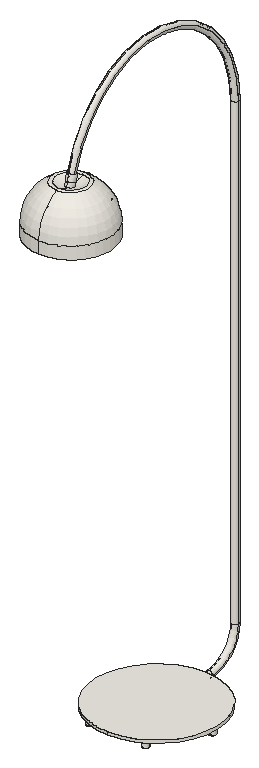
Revit family "Lighting_Floor-Mounted_Zero_Bob", category Lighting Fixtures, Revit 2020
Family settings
  Round Connector Dimension = Use Diameter
  Part Type = Normal
  OmniClass Number = 23.80.70.00
  OmniClass Title = Lighting
  Work Plane-Based = No
  Always vertical = Yes
  Cut with Voids When Loaded = No
  Light Source = Yes
  Shared = No
  Room Calculation Point = No
Parameters (values of type "Bob Floor - White")
  Youtube clip = ""
  Weight Net (Kg) = "0"
  Wattage = 5.6415 W
  WarrantyStartDate [instance] = "n/a"
  WarrantyGuarantorParts = "n/a"
  WarrantyGuarantorLabor = "n/a"
  WarrantyDurationUnit = "Year"
  WarrantyDurationParts = "n/a"
  WarrantyDurationLabor = "n/a"
  WarrantyDescription = "n/a"
  built-in parameter 1150110 = 1 (stored number, unit not read)
  VersionDate = "31/08/2023"  # constant formula
  Version = "3"  # constant formula
  UsageCurrent = 0 A
  Uniformat II Description = ""
  Uniformat II Code = ""
  Uniclass2015Reference = "Pr_70_70_48_32"
  Uniclass2015Description = "Free standing luminaires"
  Uniclass2 = "Pr_70_70_49"
  Uniclass 2015 Name = ""
  Uniclass 2015 Code = ""
  Uniclass 2.0 Description = ""
  Uniclass 2.0 Code = ""
  Uniclass 1.4 Description = ""
  Uniclass 1.4 Code = ""
  URL = "https://www.zerolighting.com/bob-inomgo"
  UNSPSC Code = ""
  TotalWattage = 10 W
  built-in parameter 1114217 = 1 (stored number, unit not read)
  Tilt Angle = 90.00°
  built-in parameter 1150109 = 1 (stored number, unit not read)
  built-in parameter 1150134 = (empty or 0)
  Technical description = ""
  TagNumber [instance] = "n/a"
  SustainabilityPerformance = "n/a"
  built-in parameter 1150113 = 1 (stored number, unit not read)
  Size = "400x815x2016 mm"
  Shape = "Sculptured"
  SerialNumber [instance] = "n/a"
  Revision = "2"  # constant formula
  ReplacementCost = "n/a"
  Region South America = "None"
  Region Oceania = "AU, NZ"
  Region North America = "BZ, CR, GT, HN, MX, NI, PA, SV, US"
  Region Middle East = "AE"
  Region Europe = "AD, AL, AT, AX, BA, BE, BG, BY, CH, CY, CZ, DE, DK, EE, ES, FI, FO, FR, GB, GG, GI, GR, HR, HU, IE, IM, IS, IT, JE, LI, LT, LU, LV, MC, MD, ME, MK, MT, NL, NO, PL, PT, RO, RS, RU, SE, SI, SJ, SK, SM, UA, VA"
  Region Asia = "HK, JP, SG"
  Region Antarctica = "None"
  Region Africa = "None"
  ProductInformation = "In collaboration with well-known furniture brand Blå Station, Zero has provided their Bob sofa system with a fixture that takes its contours to new heights while being anchored in the backrest. Zero also offers a freestanding floor-lamp version and a pendant with the same likeable, round character. A dimmable LED behind a convex glare shield provides intimate and screened-off illumination; available in standard black or white. LED 10W/3000K."
  ProductDatasheet = "https://static1.squarespace.com/static/5943d7dcc534a5f4dd214abc/t/5d6f828176e3ba00018f271c/1567588999330/Bob-golv.pdf"
  Product group = "Floor"
  Product family = "Bob"
  Product certification = ""
  Product SKU = "Bob_floor"
  Product Guid = "4bb2bb5d-ec1e-488b-9129-4a03f87c1a4e"
  Photometric Web File = "Bob191001-3000K.IES"
  PhaseReference = "n/a"
  PhaseAngle = 0.00°
  OmniClass Description = ""
  OmniClass Code = ""
  NumberOfSources = 0
  NumberOfPoles = 1
  Nominal_Width = 815 mm
  Nominal_Radius = 0 mm
  Nominal_Length = 400 mm
  Nominal_Height = 2016 mm
  Nominal_Diameter = 0 mm
  NominalVoltageCalc = 0 V
  NominalVoltage = 230 V
  NominalFrequencyRange = 50 Hz
  NominalCurrent = 0 A
  Nominal width = 0 mm
  Nominal height = 0 mm
  Name = "Zero_Bob"  # constant formula
  NBSReference = "90-60-50/405"
  NBSDescription = "General purpose luminaires"
  NBS Reference Description = ""
  NBS Reference Code = ""
  ModelReference = ArticleNumber  # "19105101-30"
  ModelNumber = "n/a"
  Model = "Bob Floor - White"
  Material secondary = ""
  Material main = ""
  Material = "Metal & plastic"
  Masterformat 2014 Description = ""
  Masterformat 2014 Code = ""
  ManufacturersSpecificInformation = "n/a"
  ManufacturerURL = "https://www.zerolighting.com/"
  ManufacturerName = "Zero"
  Manufacturer name = "ZERO"
  Manufacturer country = ""
  MaintenanceFactor = 0
  Lumens = 838 lm
  built-in parameter 1150115 = 1 (stored number, unit not read)
  built-in parameter 1150105 = 412.61 (stored number, unit not read)
  LightFixturePlacingType = "Floor"
  LightFixtureMountingType = "Surface"
  LightFixtureMainMaterial = White RAL 9010
  built-in parameter 1150137 = (empty or 0)
  built-in parameter 1150139 = (empty or 0)
  LensMaterial = Mat Acrylic
  built-in parameter 1150112 = 1 (stored number, unit not read)
  built-in parameter 1150114 = 1 (stored number, unit not read)
  InsulationStandardClass = "n/a"
  InstallationDate [instance] = "n/a"
  Installation instructions = ""
  built-in parameter 1150132 = 2
  built-in parameter 1150102 = (empty or 0)
  built-in parameter 1150138 = (empty or 0)
  built-in parameter 1150107 = 3000 (stored number, unit not read)
  built-in parameter 1150106 = 4.1261 (stored number, unit not read)
  IfcExportType = "NOTDEFINED"  # constant formula
  IfcExportAs = "IfcLightFixtureType"  # constant formula
  IP_Code = "IP20"
  IFC Classification = ""
  HasProtectiveEarth = no
  Grade = "n/a"
  GTIN code = ""
  Finish = "Painted aluminum. White RAL 9010, black RAL 9005. Other colours on request. Matt acrylic diffuser."
  Features = "2,5 m cable with switch and plug."
  ExpectedLife = "n/a"
  ElectricalDeviceNominalPower = 10
  built-in parameter 1150104 = 13.8 (stored number, unit not read)
  Edition number = 1
  DurationUnit = "Year"
  Dimming Lamp Color Temperature Shift = <None>
  Designer = "Bernstrand & Borselius"
  Design country = ""
  Description = "In collaboration with well-known furniture brand Blå Station, Zero has provided their Bob sofa system with a fixture that takes its contours to new heights while being anchored in the backrest. Zero also offers a freestanding floor-lamp version and a pendant with the same likeable, round character. A dimmable LED behind a convex glare shield provides intimate and screened-off illumination; available in standard black or white. LED 10W/3000K."
  DefaultElevation = 0 mm
  Default Elevation = 0 mm
  Date of publishing = ""
  Constituents = "n/a"
  Color Filter = 16777215
  Color = "White"
  Collection = "Bob"
  CodePerformance = "n/a"
  Category = "Floor Fixtures"
  CRI = ">80"
  COBIe Type Category = ""
  Brand url = "http://www.zero.se"
  Brand = "Zero"
  Barcode [instance] = "n/a"
  built-in parameter 1114218 = 1 (stored number, unit not read)
  BIMObjectName = "Lighting_Floor-Mounted_Zero_Bob"  # constant formula
  Author = "BIMstone"  # constant formula
  built-in parameter 1150133 = 10 (stored number, unit not read)
  AssetType = "Movable"
  AssetIdentifier [instance] = "n/a"
  ArticleNumber = "19105101-30"
  AccessibilityPerformance = "n/a"
Types (2, lengths in mm): name | Photometric Web File | ModelReference | Model | LightFixtureMainMaterial | Color | ArticleNumber
  Bob Floor - White | "Bob191001-3000K.IES" | "19105101-30" | "Bob Floor - White" | White RAL 9010 | "White" | "19105101-30"
  Bob Floor - Black | "Bob191051-3000K.IES" | "19105106-30" | "Bob Floor - Black" | Black 9005 RAL | "Black" | "19105106-30"
Reference planes
  plane 1 "Light Source Axis (F/B)": y = 0
  plane 2: z = 0
  plane 3 "Light Source Axis (L/R)": x = 0
  plane 4 "Light Source Elevation": z = 1600
  plane 5: z = 2016
  plane 6: x = 200
  plane 7: x = -200
  plane 8: y = 684.697
  plane 9: y = -130.303
Forms (mm)
  Extrusion 1, solid, material "White RAL 9010" <- "LightFixtureMainMaterial", detail levels coarse
    sketch origin (0, 0, 0) x (1, 0, 0) y (0, 1, 0)
      loop
        line (-200, 684.697) -> (-200, -130.303) -> (200, -130.303) -> (200, 684.697) -> (-200, 684.697)
    from 0 to 2016
Dimensions and locks
  equal spacing: plane 7, plane 3 "Light Source Axis (L/R)", plane 6
  "Nominal_Length": plane 7 to plane 6
  plane 5 to plane 2 = 2016 mm
  aligned and locked: plane 4 "Light Source Elevation" to imposter light
  aligned and locked: level to plane 2
  aligned and locked: Extrusion 1 to plane 5
Automatic sketch dimensions
  Extrusion 1 sketch curve to plane 7 = 0 mm
  Extrusion 1 sketch curve to plane 6 = 0 mm
  plane 9 to Extrusion 1 sketch curve = 0 mm
  plane 8 to Extrusion 1 sketch curve = 0 mm
Nested families
  nested 1: "Bob-floor" at (0, -0.077, 0), MainMaterial <- "LightFixtureMainMaterial", SecondaryMaterial <- "LensMaterial", type "Bob-floor"
    with SecondaryMaterial Mat Acrylic, MainMaterial White RAL 9010
Connectors
  electrical at (0.035, 442.273, 15.461), driven by "NominalVoltage"
    settings: on nested 1, index 1, voltage 230 V, apparent load 0 VA, apparent load phase1 0 VA, apparent load phase2 0 VA, apparent load phase3 0 VA, power factor 1, load classification "Other", number of poles 1, system type 31, power factor state 1, is connector primary yes, connector utility no, sub classification motor no, connector description ""
Definition of nested family "Bob-floor"
  Parameters (values of type "Bob-floor")
    SecondaryMaterial [instance] = none
    MainMaterial [instance] = none
    Default Elevation = 0 mm
  Reference planes
    plane 1 "Center (Front/Back)": y = 0
    plane 2: z = 0
    plane 3 "Center (Left/Right)": x = 0
  Forms (mm)
    Extrusion 1, solid, material <- "MainMaterial", detail levels medium+fine
      sketch origin (-0.208, -0.303, 0) x (0, 1, 0) y (-1, 0, 0)
        loop
          circle (352.457, -0.47) r 200
      from 19 to 29
    Revolve 2, solid, material <- "MainMaterial", detail levels medium+fine
      sketch origin (184.261, -0.303, 0) x (0, 1, 0) y (0, 0, 1)
        loop
          line (352.538, 19) -> (352.538, 0) -> (361.538, 0)
          arc (361.538, 0) -> (362.245, 0.293) -> (362.538, 1) r 1
          line (362.538, 1) -> (362.538, 19) -> (352.538, 19)
        axis (352.538, 0) -> (352.538, 19)
      angle from 0 to 360
    Revolve 3, solid, material <- "MainMaterial", detail levels medium+fine
      sketch origin (397.263, 335.681, 0) x (-0.866025, 0.5, 0) y (0, 0, 1)
        loop
          line (352.538, 19) -> (352.538, 0) -> (361.538, 0)
          arc (361.538, 0) -> (362.245, 0.293) -> (362.538, 1) r 1
          line (362.538, 1) -> (362.538, 19) -> (352.538, 19)
        axis (352.538, 0) -> (352.538, 19)
      angle from 0 to 360
    Revolve 4, solid, material <- "MainMaterial", detail levels medium+fine
      sketch origin (212.794, 688.138, 0) x (-0.866025, -0.5, 0) y (0, 0, 1)
        loop
          line (352.538, 19) -> (352.538, 0) -> (361.538, 0)
          arc (361.538, 0) -> (362.245, 0.293) -> (362.538, 1) r 1
          line (362.538, 1) -> (362.538, 19) -> (352.538, 19)
        axis (352.538, 0) -> (352.538, 19)
      angle from 0 to 360
    Revolve 5, solid, material <- "MainMaterial", detail levels medium+fine
      sketch origin (397.263, 368.627, 0) x (-0.866025, -0.5, 0) y (0, 0, -1)
        loop
          line (352.538, -19) -> (362.538, -19) -> (362.538, -1)
          arc (362.538, -1) -> (362.245, -0.293) -> (361.538, 0) r 1
          line (361.538, 0) -> (352.538, 0) -> (352.538, -19)
        axis (352.538, 0) -> (352.538, -19)
      angle from 0 to 360
    Revolve 6, solid, material <- "MainMaterial", detail levels medium+fine
      sketch origin (212.794, 16.17, 0) x (-0.866025, 0.5, 0) y (0, 0, -1)
        loop
          line (352.538, -19) -> (362.538, -19) -> (362.538, -1)
          arc (362.538, -1) -> (362.245, -0.293) -> (361.538, 0) r 1
          line (361.538, 0) -> (352.538, 0) -> (352.538, -19)
        axis (352.538, 0) -> (352.538, -19)
      angle from 0 to 360
    Revolve 7, solid, material <- "MainMaterial", detail levels medium+fine
      sketch origin (-184.678, -0.303, 0) x (0, 1, 0) y (0, 0, -1)
        loop
          line (352.538, -19) -> (362.538, -19) -> (362.538, -1)
          arc (362.538, -1) -> (362.245, -0.293) -> (361.538, 0) r 1
          line (361.538, 0) -> (352.538, 0) -> (352.538, -19)
        axis (352.538, 0) -> (352.538, -19)
      angle from 0 to 360
    Extrusion 8, solid, material <- "MainMaterial", detail levels medium+fine
      sketch origin (-0.208, -0.303, 0) x (1, 0, 0) y (0, 1, 0)
        loop
          line (-39.606, 543.447) -> (-39.606, 447.725)
          arc (-39.606, 447.725) -> (-38.141, 444.19) -> (-34.606, 442.725) r 5
          line (-34.606, 442.725) -> (35.394, 442.725)
          arc (35.394, 442.725) -> (38.93, 444.19) -> (40.394, 447.725) r 5
          line (40.394, 447.725) -> (40.394, 543.277)
          arc (40.394, 543.277) -> (39.251, 546.459) -> (36.345, 548.186) r 5
          arc (36.345, 548.186) -> (0.415, 551.676) -> (-35.532, 548.36) r 191.476
          arc (-35.532, 548.36) -> (-38.455, 546.638) -> (-39.606, 543.447) r 5
      from 15.97 to 18.952
    Extrusion 9, solid, material <- "MainMaterial", detail levels medium+fine
      sketch origin (-0.208, -0.303, 0) x (1, 0, 0) y (0, 1, 0)
        loop
          circle (-27.541, 526.149) r 5
        loop
          circle (-27.541, 458.149) r 5
        loop
          circle (27.541, 526.149) r 5
        loop
          circle (27.541, 458.149) r 5
      from 6.975 to 18.952
    Revolve 10, solid, material <- "MainMaterial", detail levels medium+fine
      sketch origin (0.113, 0.077, 18) x (0, 1, 0) y (0, 0, 1)
        loop
          line (-130.303, 1540.999) -> (-127.303, 1540.999) -> (-127.303, 1580.999)
          arc (-127.303, 1580.999) -> (-107.52, 1649.071) -> (-54.334, 1695.937) r 127.007
          line (-54.334, 1695.937) -> (-51.616, 1695.937)
          arc (-51.616, 1695.937) -> (-26.567, 1686.666) -> (0, 1683.913) r 106.605
          line (0, 1683.913) -> (0, 1687.156)
          arc (0, 1687.156) -> (-24.437, 1689.482) -> (-47.648, 1697.472) r 103.998
          arc (-47.648, 1697.472) -> (-52.919, 1698.662) -> (-58.176, 1697.411) r 11.963
          arc (-58.176, 1697.411) -> (-110.81, 1649.472) -> (-130.303, 1580.999) r 130.007
          line (-130.303, 1580.999) -> (-130.303, 1540.999)
        axis (0, 1697.472) -> (0, 1540.999)
      angle from 0 to 360
    Revolve 11, solid, material <- "SecondaryMaterial", detail levels medium+fine
      sketch origin (0.113, 0.077, 18) x (0, 1, 0) y (0, 0, 1)
        loop
          line (0, 1651.002) -> (-106.319, 1651.002) -> (-106.319, 1648.018) -> (-96.319, 1648.018)
          arc (-96.319, 1648.018) -> (-90.049, 1646.082) -> (-84.002, 1643.535) r 66.14
          arc (-84.002, 1643.535) -> (-63.483, 1635.517) -> (-41.989, 1630.69) r 145.446
          arc (-41.989, 1630.69) -> (-21.049, 1628.512) -> (0, 1628.075) r 254.015
          line (0, 1628.075) -> (0, 1631.066)
          arc (0, 1631.066) -> (-21.987, 1631.576) -> (-43.906, 1633.367) r 377.209
          arc (-43.906, 1633.367) -> (-65.787, 1638.931) -> (-86.455, 1648.018) r 136.809
          line (-86.455, 1648.018) -> (0, 1648.018) -> (0, 1651.002)
        axis (0, 1651.002) -> (0, 1628.075)
      angle from 0 to 360
    Revolve 12, solid, material <- "MainMaterial", detail levels medium+fine
      sketch origin (0.113, -3.673, 18) x (0, 1, 0) y (0, 0, 1)
        loop
          line (-5.232, 1724.586) -> (-10.07, 1705.182) -> (-5.009, 1703.92) -> (-5.493, 1701.978) -> (-9.338, 1702.936) -> (-13.527, 1686.135) -> (-1.421, 1683.116) -> (8.091, 1721.264) -> (-5.232, 1724.586)
        axis (-1.421, 1683.116) -> (8.091, 1721.264)
      angle from 0 to 360
    Extrusion 13, void
      sketch origin (0.113, 0.077, 18) x (0, 1, 0) y (0, 0, 1)
        loop
          line (-24.63, 1686.669) -> (-24.63, 1668.564) -> (39.205, 1668.564) -> (39.205, 1686.669) -> (-24.63, 1686.669)
      from -91.962 to 250
    Sweep 14, solid, material <- "MainMaterial", detail levels medium+fine
      path in 3D
        loop
          line (0.035, 442.35, 14.952) -> (0.035, 568.359, 14.952)
          arc (0.035, 568.359, 14.952) -> (0.035, 644.018, 46.291) -> (0.035, 675.358, 121.951) r 106.999
          line (0.035, 675.358, 121.951) -> (0.035, 675.358, 1661.159)
          arc (0.035, 675.358, 1661.159) -> (0.035, 371.728, 1999.134) -> (0.035, 3.27, 1733.32) r 339.918
      profile origin (0.035, 505.354, 14.952) x (0, 0, 1) y (1, 0, 0)
        loop
          circle (0, 0) r 11
        loop
          circle (0, 0) r 9
    Extrusion 15, void
      sketch origin (0, 0, 0) x (0, 1, 0) y (0, 0, 1)
        loop
          line (438.156, 15.97) -> (552.154, 15.97) -> (552.154, 29) -> (438.156, 29) -> (438.156, 15.97)
      from -74.375 to 250
  Cuts and joins
    Extrusion 13 cuts Revolve 12
    Extrusion 15 cuts Sweep 14
    joined: Revolve 12, Sweep 14
  Lines and regions (mm)
    sketch lines
      curve 1: line (0.035, 442.35, 14.952) -> (0.035, 568.359, 14.952)
      curve 2: arc (0.035, 675.358, 121.951) -> (0.035, 644.018, 46.291) -> (0.035, 568.359, 14.952) r 106.999
      curve 3: line (0.035, 675.358, 121.951) -> (0.035, 675.358, 1661.159)
      curve 4: arc (0.035, 3.27, 1733.32) -> (0.035, 371.728, 1999.134) -> (0.035, 675.358, 1661.159) r 339.918
    symbolic lines, detail levels medium+fine
      curve 5: arc (0.113, -130.226, 0) -> (-130.071, -5.485, 0) -> (-11, 129.905, 0) r 130.303
      curve 6: arc (11, 129.924, 0) -> (130.301, -5.372, 0) -> (0.113, -130.226, 0) r 130.303
      curve 7: arc (-11, 551.837, 0) -> (-199.738, 352.154, 0) -> (-11, 152.472, 0) r 200
      curve 8: arc (11, 152.443, 0) -> (200.262, 352.154, 0) -> (11, 551.866, 0) r 200
      curve 9: line (-11, 675.208, 0) -> (-11, 551.837, 0)
      curve 12: line (11, 675.208, 0) -> (11, 551.866, 0)
      curve 16: arc (-11, 675.208, 0) -> (0, 686.208, 0) -> (11, 675.208, 0) r 11
      curve 17: line (-11, 152.472, 0) -> (-11, 129.905, 0)
      curve 20: line (11, 152.443, 0) -> (11, 129.924, 0)
      curve 30: line (0, 152.154, 29) -> (0, 552.154, 29)
      curve 31: line (0, 152.154, 19) -> (0, 152.154, 29)
      curve 33: line (0, 552.154, 29) -> (0, 552.154, 26.045)
      curve 38: line (0, 521.373, 0) -> (0, 501.373, 0)
      curve 42: line (0, 442.35, 3.952) -> (0, 442.35, 19)
      curve 43: line (0, 442.35, 3.952) -> (0, 501.373, 3.952)
      curve 44: line (0, 521.373, 3.952) -> (0, 565.85, 3.952)
      curve 45: arc (0, 565.85, 3.952) -> (0, 649.944, 38.785) -> (0, 684.778, 122.88) r 118.928
      curve 46: line (0, 552.154, 26.045) -> (0, 570.098, 26.045)
      curve 47: arc (0, 570.098, 26.045) -> (0, 635.874, 55.86) -> (0, 662.778, 122.88) r 96.928
      curve 48: line (0, 662.778, 122.88) -> (0, 662.778, 1671.98)
      curve 49: line (0, 684.778, 122.88) -> (0, 684.778, 1671.98)
      curve 50: line (0, 17.74, 1740.043) -> (0, 15.28, 1740.656)
      curve 51: line (0, -8.905, 1746.686) -> (0, -13.743, 1727.282)
      curve 52: line (0, -13.743, 1727.282) -> (0, -8.682, 1726.02)
      curve 53: line (0, -8.682, 1726.02) -> (0, -9.166, 1724.078)
      curve 54: line (0, -9.166, 1724.078) -> (0, -13.011, 1725.036)
      curve 55: line (0, -13.011, 1725.036) -> (0, -14.082, 1720.742)
      curve 60: line (0, 17.74, 1740.043) -> (0, 12.928, 1720.742)
      curve 61: line (0, -130.226, 1563.099) -> (0, -130.226, 1611.163)
      curve 63: line (0, 130.38, 1563.099) -> (0, 130.38, 1608.099)
      curve 64: line (0, -130.226, 1563.099) -> (0, 130.38, 1563.099)
      curve 65: line (0, -52.986, 1720.742) -> (0, -14.082, 1720.742)
      curve 66: arc (0, 130.38, 1608.099) -> (0, 107.998, 1675.63) -> (0, 52.986, 1720.742) r 127.842
      curve 67: arc (0, -130.226, 1611.163) -> (0, -107.122, 1676.889) -> (0, -52.986, 1720.742) r 127.842
      curve 68: line (0, 362.153, 0) -> (0, 342.153, 0)
      curve 69: line (0, 362.153, 19) -> (0, 362.153, 0)
      curve 70: line (0, 342.153, 19) -> (0, 342.153, 0)
      curve 71: line (0, 202.153, 0) -> (0, 182.153, 0)
      curve 72: line (0, 202.153, 19) -> (0, 202.153, 0)
      curve 73: line (0, 182.153, 19) -> (0, 182.153, 0)
      curve 80: line (0, 182.154, 19) -> (0, 152.154, 19)
      curve 82: line (0, 342.154, 19) -> (0, 202.154, 19)
      curve 84: line (0, 442.35, 19) -> (0, 362.153, 19)
      curve 85: line (0, 521.373, 3.952) -> (0, 521.373, 0)
      curve 86: line (0, 501.373, 3.952) -> (0, 501.373, 0)
      curve 87: line (0, 12.928, 1720.742) -> (0, 52.986, 1720.742)
      curve 90: line (0, -6.068, 1745.978) -> (0, -8.905, 1746.686)
      curve 92: line (-130.19, 0, 1558.999) -> (-130.19, 0, 1598.999)
      curve 95: arc (-130.19, 0, 1598.999) -> (-109.485, 0, 1669.413) -> (-53.58, 0, 1716.968) r 128.349
      curve 96: line (-53.58, 0, 1716.968) -> (-12.365, 0, 1716.968)
      curve 97: spline (-12.208, 0, 1718.394) -> (-12.43, 0, 1718.509) -> (-12.634, 0, 1718.625) -> (-12.819, 0, 1718.744) -> (-12.985, 0, 1718.864) -> (-13.132, 0, 1718.985) -> (-13.261, 0, 1719.108) -> (-13.369, 0, 1719.232) -> (-13.459, 0, 1719.356) -> (-13.528, 0, 1719.482) -> (-13.578, 0, 1719.608) -> (-13.608, 0, 1719.734) -> (-13.618, 0, 1719.86)
      curve 98: spline (-12.365, 0, 1717.918) -> (-12.363, 0, 1717.958) -> (-12.36, 0, 1717.998) -> (-12.355, 0, 1718.037) -> (-12.347, 0, 1718.077) -> (-12.337, 0, 1718.117) -> (-12.325, 0, 1718.157) -> (-12.311, 0, 1718.197) -> (-12.295, 0, 1718.236) -> (-12.276, 0, 1718.276) -> (-12.256, 0, 1718.315) -> (-12.233, 0, 1718.355) -> (-12.208, 0, 1718.394)
      curve 99: line (-12.365, 0, 1716.968) -> (-12.365, 0, 1717.918)
      curve 101: line (-13.618, 0, 1719.86) -> (-13.618, 0, 1739.264)
      curve 102: spline (-13.618, 0, 1739.264) -> (-13.599, 0, 1739.439) -> (-13.542, 0, 1739.613) -> (-13.447, 0, 1739.786) -> (-13.315, 0, 1739.958) -> (-13.145, 0, 1740.128) -> (-12.939, 0, 1740.296) -> (-12.696, 0, 1740.46) -> (-12.418, 0, 1740.622) -> (-12.106, 0, 1740.779) -> (-11.76, 0, 1740.933) -> (-11.38, 0, 1741.082) -> (-10.969, 0, 1741.225)
      curve 104: line (-10.969, 0, 1741.225) -> (-10.969, 0, 2005.031)
      curve 105: arc (-10.969, 0, 2005.031) -> (-7.756, 0, 2012.788) -> (0, 0, 2016.001) r 10.969
      curve 106: line (-10.981, 0, 1558.999) -> (-10.981, 0, 29)
      curve 107: line (-200, 0, 29) -> (-10.981, 0, 29)
      curve 108: line (-200, 0, 19) -> (-194.738, 0, 19)
      curve 111: line (-10.918, 0, 15.97) -> (-22.75, 0, 15.97)
      curve 112: line (-39.814, 0, 15.97) -> (-39.814, 0, 19)
      curve 113: line (-39.814, 0, 15.97) -> (-39.814, 0, 19)
      curve 114: line (-194.738, 0, 19) -> (-194.738, 0, 0)
      curve 115: line (-174.738, 0, 19) -> (-174.738, 0, 0)
      curve 116: line (-174.738, 0, 0) -> (-194.738, 0, 0)
      curve 117: line (-102.804, 0, 19) -> (-102.804, 0, 0)
      curve 118: line (-82.804, 0, 19) -> (-82.804, 0, 0)
      curve 119: line (-82.804, 0, 0) -> (-102.804, 0, 0)
      curve 120: line (-32.872, 0, 15.97) -> (-32.872, 0, 6.975)
      curve 121: line (-32.872, 0, 6.975) -> (-22.75, 0, 6.975)
      curve 122: line (-22.75, 0, 6.975) -> (-22.75, 0, 15.97)
      curve 123: line (-32.872, 0, 15.97) -> (-39.814, 0, 15.97)
      curve 125: arc (-10.918, 0, 15.97) -> (-8.107, 0, 7.555) -> (0, 0, 3.952) r 11
      curve 127: line (-82.804, 0, 19) -> (-39.814, 0, 19)
      curve 129: line (-174.738, 0, 19) -> (-102.804, 0, 19)
      curve 132: line (-10.981, 0, 1558.999) -> (-130.19, 0, 1558.999)
      curve 136: line (130.19, 0, 1558.999) -> (130.19, 0, 1598.999)
      curve 138: arc (130.19, 0, 1598.999) -> (109.485, 0, 1669.413) -> (53.58, 0, 1716.968) r 128.349
      curve 139: line (53.58, 0, 1716.968) -> (12.365, 0, 1716.968)
      curve 140: spline (12.208, 0, 1718.394) -> (12.43, 0, 1718.509) -> (12.634, 0, 1718.625) -> (12.819, 0, 1718.744) -> (12.985, 0, 1718.864) -> (13.132, 0, 1718.985) -> (13.261, 0, 1719.108) -> (13.369, 0, 1719.232) -> (13.459, 0, 1719.356) -> (13.528, 0, 1719.482) -> (13.578, 0, 1719.608) -> (13.608, 0, 1719.734) -> (13.618, 0, 1719.86)
      curve 141: spline (12.365, 0, 1717.918) -> (12.363, 0, 1717.958) -> (12.36, 0, 1717.998) -> (12.355, 0, 1718.037) -> (12.347, 0, 1718.077) -> (12.337, 0, 1718.117) -> (12.325, 0, 1718.157) -> (12.311, 0, 1718.197) -> (12.295, 0, 1718.236) -> (12.276, 0, 1718.276) -> (12.256, 0, 1718.315) -> (12.233, 0, 1718.355) -> (12.208, 0, 1718.394)
      curve 142: line (12.365, 0, 1716.968) -> (12.365, 0, 1717.918)
      curve 144: line (13.618, 0, 1719.86) -> (13.618, 0, 1739.264)
      curve 145: spline (13.618, 0, 1739.264) -> (13.599, 0, 1739.439) -> (13.542, 0, 1739.613) -> (13.447, 0, 1739.786) -> (13.315, 0, 1739.958) -> (13.145, 0, 1740.128) -> (12.939, 0, 1740.296) -> (12.696, 0, 1740.46) -> (12.418, 0, 1740.622) -> (12.106, 0, 1740.779) -> (11.76, 0, 1740.933) -> (11.38, 0, 1741.082) -> (10.969, 0, 1741.225)
      curve 147: line (10.969, 0, 1741.225) -> (10.969, 0, 2005.031)
      curve 148: arc (10.969, 0, 2005.031) -> (7.756, 0, 2012.788) -> (0, 0, 2016.001) r 10.969
      curve 149: line (10.981, 0, 1558.999) -> (10.981, 0, 29)
      curve 150: line (200, 0, 29) -> (10.981, 0, 29)
      curve 151: line (200, 0, 19) -> (194.738, 0, 19)
      curve 154: line (10.918, 0, 15.97) -> (22.75, 0, 15.97)
      curve 155: line (39.814, 0, 15.97) -> (39.814, 0, 19)
      curve 156: line (39.814, 0, 15.97) -> (39.814, 0, 19)
      curve 157: line (194.738, 0, 19) -> (194.738, 0, 0)
      curve 158: line (174.738, 0, 19) -> (174.738, 0, 0)
      curve 159: line (174.738, 0, 0) -> (194.738, 0, 0)
      curve 160: line (102.804, 0, 19) -> (102.804, 0, 0)
      curve 161: line (82.804, 0, 19) -> (82.804, 0, 0)
      curve 162: line (82.804, 0, 0) -> (102.804, 0, 0)
      curve 163: line (32.872, 0, 15.97) -> (32.872, 0, 6.975)
      curve 164: line (32.872, 0, 6.975) -> (22.75, 0, 6.975)
      curve 165: line (22.75, 0, 6.975) -> (22.75, 0, 15.97)
      curve 166: line (32.872, 0, 15.97) -> (39.814, 0, 15.97)
      curve 168: arc (10.918, 0, 15.97) -> (8.107, 0, 7.555) -> (0, 0, 3.952) r 11
      curve 170: line (82.804, 0, 19) -> (39.814, 0, 19)
      curve 172: line (174.738, 0, 19) -> (102.804, 0, 19)
      curve 175: line (10.981, 0, 1558.999) -> (130.19, 0, 1558.999)
      curve 178: arc (0, 662.778, 1671.98) -> (0, 369.425, 1992.9) -> (0, 15.28, 1740.656) r 327.988
      curve 179: arc (0, -6.068, 1745.978) -> (0, 372.042, 2014.143) -> (0, 684.778, 1671.98) r 350.069
      curve 180: line (-200, 0, 29) -> (-200, 0, 19)
      curve 181: line (200, 0, 29) -> (200, 0, 19)
    symbolic lines, detail levels fine
      curve 10: arc (-11, 3.27, 0) -> (-7.778, -4.508, 0) -> (0, -7.73, 0) r 11
      curve 11: arc (11, 3.27, 0) -> (7.778, -4.508, 0) -> (0, -7.73, 0) r 11
      curve 13: arc (-11, 15.67, 0) -> (-13.201, 11.195, 0) -> (-13.612, 6.225, 0) r 13.391
      curve 14: line (-13.686, 7.625, 0) -> (-13.371, 1.626, 0)
      curve 15: arc (-8.897, -7.086, 0) -> (-4.715, -9.358, 0) -> (0, -9.999, 0) r 13.198
      curve 18: line (-11, 129.905, 0) -> (-11, 3.27, 0)
      curve 19: line (11, 129.924, 0) -> (11, 3.27, 0)
      curve 21: arc (-13.371, 1.626, 0) -> (-13.045, -0.005, 0) -> (-12.594, -1.606, 0) r 21.598
      curve 22: arc (-12.594, -1.606, 0) -> (-11.078, -4.571, 0) -> (-8.897, -7.086, 0) r 13.795
      curve 23: arc (11, 15.67, 0) -> (13.201, 11.195, 0) -> (13.612, 6.225, 0) r 13.391
      curve 24: line (13.686, 7.625, 0) -> (13.371, 1.626, 0)
      curve 25: arc (8.897, -7.086, 0) -> (4.715, -9.358, 0) -> (0, -9.999, 0) r 13.198
      curve 26: arc (12.594, -1.606, 0) -> (11.078, -4.571, 0) -> (8.897, -7.086, 0) r 13.795
      curve 27: arc (13.371, 1.626, 0) -> (13.045, -0.005, 0) -> (12.594, -1.606, 0) r 21.598
      curve 28: line (-11, 551.837, 0) -> (-11, 152.472, 0)
      curve 29: line (11, 551.866, 0) -> (11, 152.443, 0)
      curve 32: line (0, 552.154, 19) -> (0, 442.35, 19)
      curve 34: line (0, 551.373, 15.97) -> (0, 521.373, 15.97)
      curve 35: line (0, 551.373, 19) -> (0, 551.373, 15.97)
      curve 36: line (0, 501.373, 19) -> (0, 501.373, 15.97)
      curve 37: line (0, 521.373, 19) -> (0, 521.373, 15.97)
      curve 39: line (0, 521.373, 15.97) -> (0, 521.373, 3.952)
      curve 40: line (0, 501.373, 15.97) -> (0, 501.373, 3.952)
      curve 41: line (0, 501.373, 15.97) -> (0, 442.35, 15.97)
      curve 56: line (0, 7.841, 1721.9) -> (0, -8.682, 1726.02)
      curve 57: line (0, -9.166, 1724.078) -> (0, 4.213, 1720.742)
      curve 58: line (0, 7.841, 1721.9) -> (0, 7.552, 1720.742)
      curve 59: line (0, 7.841, 1721.9) -> (0, 12.488, 1720.742)
      curve 62: line (0, -130.226, 1603.099) -> (0, 130.38, 1603.099)
      curve 74: line (0, 531.373, 15.97) -> (0, 531.373, 6.975)
      curve 75: line (0, 531.373, 6.975) -> (0, 521.373, 6.975)
      curve 76: line (0, 462.866, 15.97) -> (0, 462.866, 6.975)
      curve 77: line (0, 462.866, 6.975) -> (0, 452.846, 6.975)
      curve 78: line (0, 452.846, 6.975) -> (0, 452.846, 15.97)
      curve 79: line (0, 552.154, 26.045) -> (0, 552.154, 19)
      curve 81: line (0, 202.154, 19) -> (0, 182.154, 19)
      curve 83: line (0, 362.153, 19) -> (0, 342.154, 19)
      curve 88: line (0, -14.082, 1720.742) -> (0, 12.928, 1720.742)
      curve 89: line (0, 15.28, 1740.656) -> (0, -6.068, 1745.978)
      curve 91: line (0.113, 0, 1558.999) -> (-10.981, 0, 1558.999)
      curve 93: line (-130.19, 0, 1598.999) -> (0, 0, 1598.999)
      curve 94: line (0, 662.778, 1671.98) -> (0, 684.778, 1671.98)
      curve 100: spline (-12.208, 0, 1718.394) -> (-11.894, 0, 1718.739) -> (-11.416, 0, 1719.072) -> (-10.781, 0, 1719.39) -> (-9.997, 0, 1719.687) -> (-9.074, 0, 1719.96) -> (-8.027, 0, 1720.206) -> (-6.868, 0, 1720.42) -> (-5.613, 0, 1720.6) -> (-4.281, 0, 1720.743) -> (-2.888, 0, 1720.848) -> (-1.455, 0, 1720.912) -> (0, 0, 1720.936)
      curve 103: spline (-13.618, 0, 1719.86) -> (-13.501, 0, 1720.292) -> (-13.155, 0, 1720.716) -> (-12.583, 0, 1721.125) -> (-11.797, 0, 1721.513) -> (-10.809, 0, 1721.873) -> (-9.636, 0, 1722.199) -> (-8.298, 0, 1722.486) -> (-6.817, 0, 1722.728) -> (-5.22, 0, 1722.921) -> (-3.532, 0, 1723.063) -> (-1.782, 0, 1723.15) -> (0, 0, 1723.182)
      curve 109: arc (-10.193, 0, 19) -> (-10.663, 0, 17.511) -> (-10.918, 0, 15.97) r 11
      curve 110: arc (0, 0, 5.952) -> (-7.637, 0, 10.246) -> (-8.003, 0, 19) r 9
      curve 124: line (-22.75, 0, 15.97) -> (-32.872, 0, 15.97)
      curve 126: line (-39.814, 0, 19) -> (0.262, 0, 19)
      curve 128: line (-102.804, 0, 19) -> (-82.804, 0, 19)
      curve 130: line (-194.738, 0, 19) -> (-174.738, 0, 19)
      curve 131: line (-10.981, 0, 29) -> (0.262, 0, 29)
      curve 133: line (-12.365, 0, 1716.968) -> (0.113, 0, 1716.968)
      curve 134: spline (-10.969, 0, 1741.225) -> (-10.307, 0, 1741.427) -> (-9.583, 0, 1741.616) -> (-8.8, 0, 1741.791) -> (-7.964, 0, 1741.95) -> (-7.079, 0, 1742.094) -> (-6.151, 0, 1742.22) -> (-5.185, 0, 1742.329) -> (-4.187, 0, 1742.419) -> (-3.164, 0, 1742.49) -> (-2.121, 0, 1742.542) -> (-1.064, 0, 1742.574) -> (0, 0, 1742.586)
      curve 135: line (-0.113, 0, 1558.999) -> (10.981, 0, 1558.999)
      curve 137: line (130.19, 0, 1598.999) -> (0, 0, 1598.999)
      curve 143: spline (12.208, 0, 1718.394) -> (11.894, 0, 1718.739) -> (11.416, 0, 1719.072) -> (10.781, 0, 1719.39) -> (9.997, 0, 1719.687) -> (9.074, 0, 1719.96) -> (8.027, 0, 1720.206) -> (6.868, 0, 1720.42) -> (5.613, 0, 1720.6) -> (4.281, 0, 1720.743) -> (2.888, 0, 1720.848) -> (1.455, 0, 1720.912) -> (0, 0, 1720.936)
      curve 146: spline (13.618, 0, 1719.86) -> (13.501, 0, 1720.292) -> (13.155, 0, 1720.716) -> (12.583, 0, 1721.125) -> (11.797, 0, 1721.513) -> (10.809, 0, 1721.873) -> (9.636, 0, 1722.199) -> (8.298, 0, 1722.486) -> (6.817, 0, 1722.728) -> (5.22, 0, 1722.921) -> (3.532, 0, 1723.063) -> (1.782, 0, 1723.15) -> (0, 0, 1723.182)
      curve 152: arc (10.193, 0, 19) -> (10.663, 0, 17.511) -> (10.918, 0, 15.97) r 11
      curve 153: arc (0, 0, 5.952) -> (7.637, 0, 10.246) -> (8.003, 0, 19) r 9
      curve 167: line (22.75, 0, 15.97) -> (32.872, 0, 15.97)
      curve 169: line (39.814, 0, 19) -> (-0.262, 0, 19)
      curve 171: line (102.804, 0, 19) -> (82.804, 0, 19)
      curve 173: line (194.738, 0, 19) -> (174.738, 0, 19)
      curve 174: line (10.981, 0, 29) -> (-0.262, 0, 29)
      curve 176: line (12.365, 0, 1716.968) -> (-0.113, 0, 1716.968)
      curve 177: spline (10.969, 0, 1741.225) -> (10.307, 0, 1741.427) -> (9.583, 0, 1741.616) -> (8.8, 0, 1741.791) -> (7.964, 0, 1741.95) -> (7.079, 0, 1742.094) -> (6.151, 0, 1742.22) -> (5.185, 0, 1742.329) -> (4.187, 0, 1742.419) -> (3.164, 0, 1742.49) -> (2.121, 0, 1742.542) -> (1.064, 0, 1742.574) -> (0, 0, 1742.586)
      curve 182: arc (-11, 50.273, 0) -> (0, -51.462, 0) -> (11, 50.273, 0) r 51.462
      curve 183: arc (-11, 53.34, 0) -> (0, -54.462, 0) -> (11, 53.34, 0) r 54.462
  Dimensions and locks
    aligned and locked: level to plane 2
